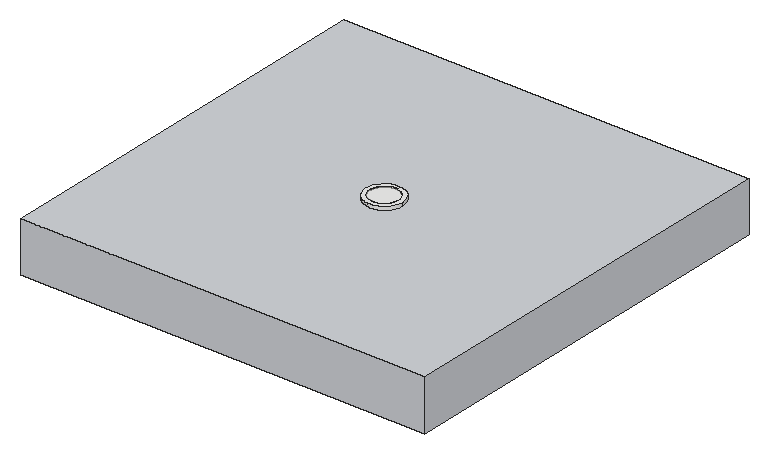
Revit family "MUSE", category Luminaires, Revit 2021
Family settings
  Hôte = Face
  Cote de connecteur circulaire = Utiliser le diamètre
  Type d'élément = Normal
  Numéro OmniClass = 23.80.70.11.14.11
  Titre OmniClass = Downlights
  Couper avec des vides une fois chargée = Oui
  Source d'éclairage = Oui
  Partagée = Oui
  Point de calcul de pièce = Oui
Parameters (values of type "759405")
  Épaisseur diffuseur = 2 mm
  Épaisseur = 18 mm
  URL = "https://www.resistex-sa.com/fr/muse-rd-2208lm-cct-1238.html"
  Tension = 230 V  # constant formula
  built-in parameter 1150107 = 4000 (stored number, unit not read)
  Wattage = 18.9 W
  built-in parameter 1150110 = 1 (stored number, unit not read)
  built-in parameter 1150109 = 1 (stored number, unit not read)
  built-in parameter 1114218 = 1 (stored number, unit not read)
  built-in parameter 1150113 = 1 (stored number, unit not read)
  built-in parameter 1150112 = 1 (stored number, unit not read)
  Nombre pôles = 1  # constant formula
  built-in parameter 1150137 = (empty or 0)
  built-in parameter 1150132 = (empty or 0)
  Modèle = "Muse"  # constant formula
  Matériau diffuseur = PC Transparent
  Matériau corps = PC Blanc
  built-in parameter 1150105 = 174.47 (stored number, unit not read)
  built-in parameter 1150102 = (empty or 0)
  Indice de charge = Eclairage
  Image du type = <Aucun>
  IP = "20"  # constant formula
  IK = "07"  # constant formula
  Gradation des changements de température de couleur de lampe = <Aucun>
  Garantie = "2 ans"  # constant formula
  Lumens = 2192.4 lm
  Color Filter = 16777215
  Fichier de distribution photométrique = "759405.ies"
  built-in parameter 1114217 = 1 (stored number, unit not read)
  built-in parameter 1150139 = (empty or 0)
  Fabricant = "Résistex"  # constant formula
  Emit from Circle Diameter = 609.6 mm
  Emit Shape Visible in Rendering = no
  Default Elevation = 0 mm
  built-in parameter 1150104 = 10.777 (stored number, unit not read)
  built-in parameter 1150106 = 1.7447 (stored number, unit not read)
  built-in parameter 1150115 = 1 (stored number, unit not read)
  built-in parameter 1150114 = 1 (stored number, unit not read)
  Diamètre collerette = 171 mm
  Diamètre = 220 mm
  Description = "Downlight équipé d'un module LED SMD, efficacité lumineuse de 116lm/W"
  Cost = 35
  built-in parameter 1150138 = (empty or 0)
  built-in parameter 1150134 = 12
  Commentaires relatifs à la puissance = "18.9W"
  Apparent Load = 20.11 VA
  Tilt Angle = 60.00°
  built-in parameter 1150133 = 10 (stored number, unit not read)
Types (3, lengths in mm): name | URL | Fichier de distribution photométrique | Cost | Apparent Load
  (no name) | "https://www.resistex-sa.com/fr/muse-rd-2208lm-cct-1238.html" | "759405.ies" | 35 | 20.11 VA
  759405 | "https://www.resistex-sa.com/fr/muse-rd-2208lm-cct-1238.html" | "759405.ies" | 35 | 20.11 VA
  759406 | "https://www.resistex-sa.com/fr/muse-1982lm-cct-ir-bl-1239.html" | "759406.ies" | 52.5 | 20.32 VA
Reference planes
  plane 1 "Centre (avant/arrière)": y = 0
  plane 2: z = 0
  plane 3 "Centre (gauche/droite)": x = 0
  plane 4 "Début diffuseur": z = 18
  plane 5 "Fond diffuseur": z = 16
Forms (mm)
  Extrusion 1, solid
    sketch origin (0, 0, 0) x (1, 0, 0) y (0, 1, 0)
      loop
        line (-1219.2, 1219.2) -> (-1219.2, -1219.2) -> (1219.2, -1219.2) -> (1219.2, 1219.2) -> (-1219.2, 1219.2)
    from 0 to -304.8
  Extrusion 2, solid, material "PC Blanc" <- "Matériau corps"
    sketch origin (0, 0, 0) x (1, 0, 0) y (0, 1, 0)
      loop
        circle (0, 0) r 110
    from 0 to 18 <- "Épaisseur"
  Extrusion 3, void
    sketch origin (0, 0, 16) x (-1, 0, 0) y (0, -1, 0)
      loop
        circle (0, 0) r 85.5
    from 0 to 2 <- "Épaisseur diffuseur"
  Extrusion 4, solid, material "PC Transparent" <- "Matériau diffuseur"
    sketch origin (0, 0, 16) x (-1, 0, 0) y (0, -1, 0)
      loop
        circle (0, 0) r 85.5
    from 0 to 2
Cuts and joins
  Extrusion 3 cuts Extrusion 2
Dimensions and locks
  "Épaisseur": plane 4 "Début diffuseur" to level
  "Épaisseur diffuseur": plane 4 "Début diffuseur" to plane 5 "Fond diffuseur"
  "Diamètre": diameter of Extrusion 2 sketch curve
  "Diamètre collerette": diameter of Extrusion 3 sketch curve
  "Diamètre collerette": diameter of Extrusion 4 sketch curve
  aligned and locked: plane 2 to Extrusion 1
  aligned and locked: level to Extrusion 1
  aligned and locked: plane 3 "Centre (gauche/droite)" to Extrusion 2 sketch curve
  aligned and locked: imposter light to Extrusion 2 sketch curve
  aligned and locked: imposter light to Extrusion 3 sketch curve  (x2)
  aligned and locked: imposter light to Extrusion 4 sketch curve  (x2)
Automatic sketch dimensions
  Extrusion 1 sketch curve to Extrusion 1 sketch curve = 2438.4 mm  (x2)
Connectors
  electrical at (0, 0, 0), driven by "Indice de charge", driven by "Tension", driven by "Apparent Load", driven by "Nombre pôles"
    settings: on cut or joined group of Extrusion 2, Extrusion 3, index 1, voltage 230 V, apparent load 0 VA, apparent load phase1 20.11 VA, apparent load phase2 0 VA, apparent load phase3 0 VA, power factor 1, load classification "Eclairage", number of poles 1, system type 31, power factor state 1, is connector primary yes, connector utility no, sub classification motor no, connector description ""
